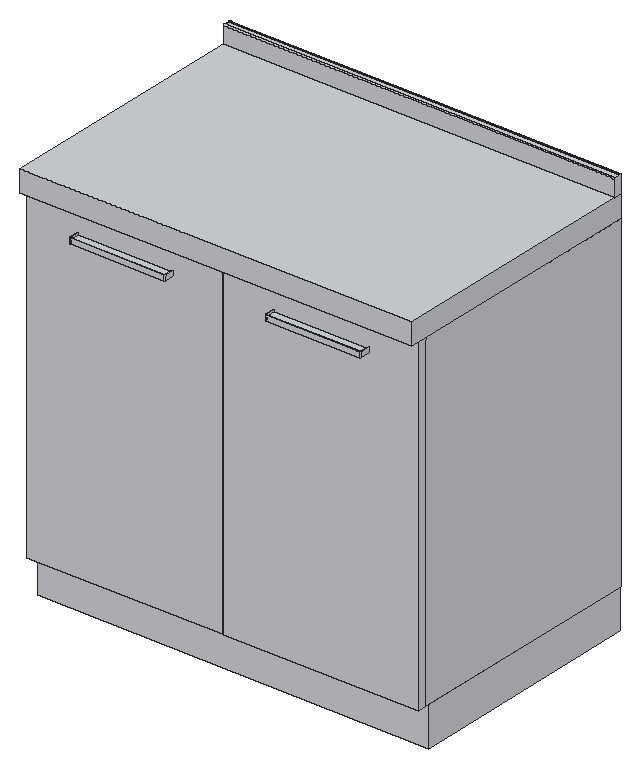
Revit family
Parameters (values of type "600 x 900 x 900mm")
  Top Material = none
  Material = none
  Handle Material = none
  Depth = 600 mm
  Height = 900 mm
  Width = 900 mm
  Assembly Code = ""
Types (3, lengths in mm): name | Width | Assembly Code
  (no name) | 900 | ""
  600 x 900 x 900mm | 900 | ""
  600 x 1200 x 900mm | 1200 | "C1030400"
Reference planes
  plane 1 "Back": y = 0
  plane 2: z = 0
  plane 3 "Center (Left/Right)": x = 44.7
  plane 4 "Front": y = -600
  plane 5 "Left": x = -405.3
  plane 6 "Right": x = 494.7
  plane 7 "Top": z = 900
  plane 8: z = 90
  plane 9: z = 850
Forms (mm)
  Extrusion 1, solid
    sketch origin (0, 0, 0) x (1, 0, 0) y (0, 1, 0)
      loop
        line (-405.3, 0) -> (-405.3, -558) -> (-383.3, -558) -> (-383.3, -22) -> (472.7, -22) -> (472.7, -558) -> (494.7, -558) -> (494.7, 0) -> (-405.3, 0)
    from 90 to 850
  Extrusion 2, solid, material <- "Material"
    sketch origin (0, 0, 0) x (1, 0, 0) y (0, 1, 0)
      loop
        line (-405.3, -580) -> (43.7, -580) -> (43.7, -558) -> (-405.3, -558) -> (-405.3, -580)
      loop
        line (494.7, -580) -> (494.7, -558) -> (45.7, -558) -> (45.7, -580) -> (494.7, -580)
    from 90 to 850
  Extrusion 3, solid, material <- "Top Material"
    sketch origin (0, 0, 900) x (0, -1, 0) y (-1, 0, 0)
      loop
        line (0, 405.3) -> (0, -494.7) -> (600, -494.7) -> (600, 405.3) -> (0, 405.3)
    from 0 to 50
  Extrusion 4, solid, material <- "Material"
    sketch origin (0, 0, 900) x (0, -1, 0) y (-1, 0, 0)
      loop
        line (0.534, 405.3) -> (0.534, -494.7) -> (550.534, -494.7) -> (550.534, 405.3) -> (0.534, 405.3)
    from 810 to 900
  Sweep 5, solid, material <- "Top Material"
    path origin (0, 0, 900) x (0, -1, 0) y (1, 0, 0)
      loop
        line (0, 494.7) -> (0, -405.3)
    profile origin (44.7, 0, 0) x (0, -1, 0) y (0, 0, 1)
      loop
        line (0, 900) -> (15, 900) -> (15, 938)
        arc (15, 938) -> (14.414, 939.414) -> (13, 940) r 2
        line (13, 940) -> (1.504, 940) -> (1.504, 942.003) -> (0, 942.003) -> (0, 900)
Dimensions and locks
  "Width": plane 6 "Right" to plane 5 "Left"
  equal spacing: plane 6 "Right", plane 3 "Center (Left/Right)", plane 5 "Left"
  "Depth": plane 4 "Front" to plane 1 "Back"
  "Height": level to plane 7 "Top"
  locked: Extrusion 1 sketch curve to Extrusion 1 sketch curve at 22  (x3)
  locked: plane 8 to level at 90
  locked: plane 7 "Top" to plane 9 at 50
  equal spacing: plane 5 "Left", nested 1, plane 3 "Center (Left/Right)"
  equal spacing: plane 3 "Center (Left/Right)", nested 2, plane 6 "Right"
  aligned and locked: Extrusion 1 sketch curve to plane 6 "Right"
  aligned and locked: plane 1 "Back" to Extrusion 1 sketch curve
  aligned and locked: plane 5 "Left" to Extrusion 1 sketch curve
  aligned and locked: Extrusion 2 to plane 9
  aligned and locked: Extrusion 1 to plane 9
  aligned and locked: plane 8 to Extrusion 2
  aligned and locked: plane 8 to Extrusion 1
  aligned and locked: Extrusion 4 to Extrusion 1
  aligned and locked: Extrusion 2 to nested 2
Automatic sketch dimensions
  Extrusion 3 sketch curve to plane 1 "Back" = 0 mm
  Extrusion 3 sketch curve to plane 4 "Front" = 0 mm
  Extrusion 3 sketch curve to plane 5 "Left" = 0 mm
  Extrusion 3 sketch curve to plane 6 "Right" = 0 mm
  plane 1 "Back" to Extrusion 4 sketch curve = 0.534 mm
  Extrusion 4 sketch curve to plane 5 "Left" = 0 mm
  Extrusion 4 sketch curve to plane 6 "Right" = 0 mm
  Extrusion 4 sketch curve to plane 4 "Front" = 49.466 mm
  Sweep 5 sketch curve to plane 1 "Back" = 0 mm
  Sweep 5 sketch curve to plane 5 "Left" = 0 mm
  Sweep 5 sketch curve to plane 6 "Right" = 0 mm
  Sweep 5 sketch curve to profile plane = 0 mm  (x2)
  Sweep 5 sketch curve to profile plane = 1.504 mm
  Sweep 5 sketch curve to Sweep 5 sketch curve = 11.496 mm
  Sweep 5 sketch curve to profile plane = 15 mm
  profile plane to Sweep 5 sketch curve = 38 mm
  Sweep 5 sketch curve to Sweep 5 sketch curve = 2.003 mm
  Extrusion 1 sketch curve to plane 4 "Front" = 42 mm  (x2)
  Extrusion 2 sketch curve to plane 5 "Left" = 0 mm
  Extrusion 2 sketch curve to plane 6 "Right" = 0 mm
  Extrusion 2 sketch curve to plane 3 "Center (Left/Right)" = 1 mm
  plane 3 "Center (Left/Right)" to Extrusion 2 sketch curve = 1 mm
  Extrusion 2 sketch curve to plane 4 "Front" = 20 mm
  Extrusion 2 sketch curve to Extrusion 2 sketch curve = 0 mm
  Extrusion 2 sketch curve to Extrusion 2 sketch curve = 22 mm  (x2)
Nested families
  nested 1: "Casework Handle" at (94.577, -603, 787.18), type "220 x 23mm"
  nested 2: "Casework Handle" at (544.577, -603, 787.18), type "220 x 23mm"
Definition of nested family "Casework Handle"
  Parameters (values of type "220 x 23mm")
    Material = none
  Reference planes
    plane 1 "Center (Front/Back)": y = 0
    plane 2: z = 0
    plane 3 "Center (Left/Right)": x = -274.877
    plane 4: x = -384.877
    plane 5: x = -164.877
    plane 6: y = 23
    plane 7: z = 12
  Forms (mm)
    Sweep 1, solid, material <- "Material"
      path origin (0, 0, 0) x (1, 0, 0) y (0, 1, 0)
        loop
          line (-384.877, 23) -> (-384.877, 2.5)
          arc (-384.877, 2.5) -> (-384.145, 0.732) -> (-382.377, 0) r 2.5
          line (-382.377, 0) -> (-167.377, 0)
          arc (-167.377, 0) -> (-165.609, 0.732) -> (-164.877, 2.5) r 2.5
          line (-164.877, 2.5) -> (-164.877, 23)
      profile origin (0, 12.75, 0) x (1, 0, 0) y (0, 0, 1)
        loop
          line (-384.877, 0) -> (-382.877, 0) -> (-382.877, 12) -> (-384.877, 12) -> (-384.877, 0)
    Extrusion 2, solid, material <- "Material"
      sketch origin (0, 0, 0) x (1, 0, 0) y (0, 1, 0)
        loop
          arc (-382.877, 2.5) -> (-382.731, 2.146) -> (-382.377, 2) r 0.5
          line (-382.377, 2) -> (-167.377, 2)
          arc (-167.377, 2) -> (-167.023, 2.146) -> (-166.877, 2.5) r 0.5
          line (-166.877, 2.5) -> (-166.877, 23) -> (-382.877, 23) -> (-382.877, 2.5)
      from 2.765 to 9.254
  Dimensions and locks
    equal spacing: plane 4, plane 3 "Center (Left/Right)", plane 5
